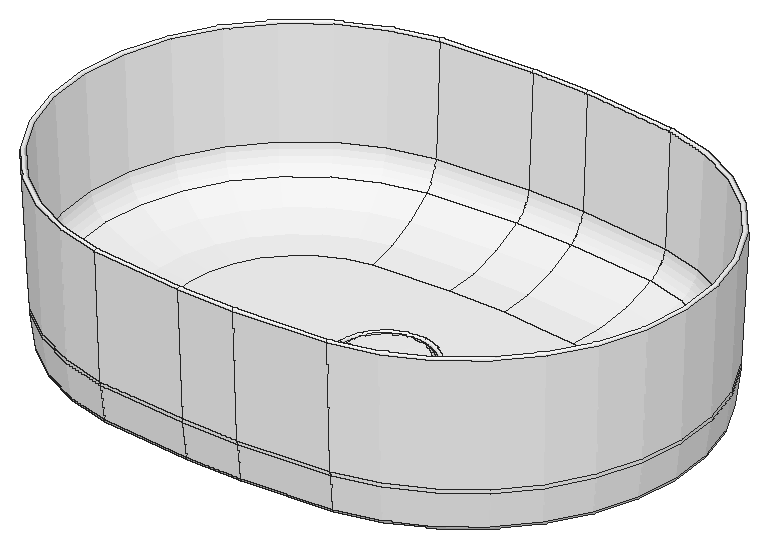
Revit family "Reece_Basin_Roca_Inspira_Above Counter Basin_Round Oval_500 mm", category Plumbing Fixtures, host Face, Revit 2018
Family settings
  Host = Face
  Round Connector Dimension = Use Diameter
  Part Type = Normal
  Cut with Voids When Loaded = No
  Shared = Yes
  Room Calculation Point = Yes
Parameters (values of type "No Taphole_FINECERAMIC_Matte White")
  WFU = 0  # constant formula
  URL = "https://www.reece.com.au/product/-1806218"
  Type Comments = "Basin"
  Reece_Product_Web Page = "https://www.reece.com.au/product/-1806218"
  Reece_Product_Type = "Basin"  # constant formula
  Reece_Product_Sub Brand = "Inspira"  # constant formula
  Reece_Product_Number = "1806218"
  Reece_Product_Mount = "Above Counter"
  Reece_Product_Description = "Roca Inspira Round Oval Above Counter Basin 500mm x 370mm Matte White"
  Reece_Product_Brand = "Roca"  # constant formula
  Reece_Overall_Width = 500 mm  # constant formula
  Reece_Overall_Height = 140 mm  # constant formula
  Reece_Overall_Depth = 370 mm  # constant formula
  Reece_Overall_Capacity = 16.75 L  # constant formula
  Reece_Material-Main = Reece_FINECERAMIC_Matte White
  Reece_Detail_Installation = "Above Counter Basin"  # constant formula
  Reece_Detail_Disclaimer = "THIS FILE IS THE PROPERTY OF THE REECE GROUP. IT MAY NOT BE REPRODUCED, REVERSE-ENGINEERED OR MODIFIED. ANY REPUBLICATION, TRANSMISSION OR DISTRIBUTION FOR THE PURPOSE OF COMMERCIALLY EXPLOITING THE FILES IS PROHIBITED."  # constant formula
  Reece_Detail_Connector = "No Taphole"  # constant formula
  Reece_Detail_Additional = "Round Oval"  # constant formula
  Reece_Basin_Outlet = 46 mm  # constant formula
  Model = "Inspira"
  Manufacturer = "Roca"
  Keynote = "Product #1806218, Reece_Basin_Roca_Inspira_Above Counter Basin_Round Oval_500 mm - No Taphole_FINECERAMIC_Matte White"
  HWFU = 0  # constant formula
  Disclaimer = "THIS FILE IS THE PROPERTY OF THE REECE GROUP. IT MAY NOT BE REPRODUCED, REVERSE-ENGINEERED OR MODIFIED. ANY REPUBLICATION, TRANSMISSION OR DISTRIBUTION FOR THE PURPOSE OF COMMERCIALLY EXPLOITING THE FILES IS PROHIBITED."  # constant formula
  Description = "Roca Inspira Round Oval Above Counter Basin 500mm x 370mm Matte White"
  Default Elevation = 1000 mm
  CWFU = 0  # constant formula
Types (4, lengths in mm): name | URL | Reece_Product_Web Page | Reece_Product_Number | Reece_Product_Description | Reece_Material-Main | Keynote | Description
  (no name) | "https://www.reece.com.au/product/-1808094" | "https://www.reece.com.au/product/-1808094" | "1808094" | "Roca Inspira Round Oval Above Counter Basin 500mm x 370mm Gloss White" | Reece_FINECERAMIC_White | "Product #1808094, Reece_Basin_Roca_Inspira_Above Counter Basin_Round Oval_500 mm -  " | "Roca Inspira Round Oval Above Counter Basin 500mm x 370mm Gloss White"
  No Taphole_FINECERAMIC_Matte Black | "https://www.reece.com.au/product/-1806212" | "https://www.reece.com.au/product/-1806212" | "1806212" | "Roca Inspira Round Oval Above Counter Basin 500mm x 370mm Matte Black" | Reece_FINECERAMIC_Matte Black | "Product #1806212, Reece_Basin_Roca_Inspira_Above Counter Basin_Round Oval_500 mm - No Taphole_FINECERAMIC_Matte Black" | "Roca Inspira Round Oval Above Counter Basin 500mm x 370mm Matte Black"
  No Taphole_FINECERAMIC_ White | "https://www.reece.com.au/product/-1808094" | "https://www.reece.com.au/product/-1808094" | "1808094" | "Roca Inspira Round Oval Above Counter Basin 500mm x 370mm Gloss White" | Reece_FINECERAMIC_White | "Product #1808094, Reece_Basin_Roca_Inspira_Above Counter Basin_Round Oval_500 mm - No Taphole_FINECERAMIC_ White" | "Roca Inspira Round Oval Above Counter Basin 500mm x 370mm Gloss White"
  No Taphole_FINECERAMIC_Matte White | "https://www.reece.com.au/product/-1806218" | "https://www.reece.com.au/product/-1806218" | "1806218" | "Roca Inspira Round Oval Above Counter Basin 500mm x 370mm Matte White" | Reece_FINECERAMIC_Matte White | "Product #1806218, Reece_Basin_Roca_Inspira_Above Counter Basin_Round Oval_500 mm - No Taphole_FINECERAMIC_Matte White" | "Roca Inspira Round Oval Above Counter Basin 500mm x 370mm Matte White"
Reference planes
  plane 1 "Center (Front/Back)": y = -79.125
  plane 2 "Bottom": z = 0
  plane 3 "Center (Left/Right)": x = 0
  plane 4: y = 105.875
  plane 5: x = 250
  plane 6: x = -250
  plane 7: y = -264.125
  plane 8: z = 140
  plane 9: z = -29
  plane 10: x = 185
  plane 11: x = -185
  plane 12: x = 219.009
  plane 13: x = 219.009
Forms (mm)
  Sweep 1, solid, material "Reece_FINECERAMIC_Matte White" <- "Reece_Material-Main"
    path origin (0, 0, 0) x (1, 0, 0) y (0, 1, 0)
      loop
        line (22.5, 74.324) -> (-22.5, 74.324)
        arc (-22.5, 74.324) -> (-56.922, 73.051) -> (-91.157, 69.238) r 465.907
        arc (-91.157, 69.238) -> (-219.052, -79.125) -> (-91.157, -227.487) r 150
        arc (-91.157, -227.487) -> (-56.922, -231.3) -> (-22.5, -232.573) r 465.907
        line (-22.5, -232.573) -> (22.5, -232.573)
        arc (22.5, -232.573) -> (56.922, -231.3) -> (91.157, -227.487) r 465.907
        arc (91.157, -227.487) -> (219.052, -79.125) -> (91.157, 69.238) r 150
        arc (91.157, 69.238) -> (56.922, 73.051) -> (22.5, 74.324) r 465.907
    profile origin (0, 74.324, 0) x (0, -1, 0) y (0, 0, 1)
      loop
        arc (-26.612, 37.557) -> (-25.169, 23.997) -> (-22.897, 10.552) r 222.161
        arc (-22.897, 10.552) -> (-21.825, 8.696) -> (-19.847, 7.87) r 3.349
        line (-19.847, 7.87) -> (-6.169, 6.913)
        arc (-6.169, 6.913) -> (-3.314, 5.961) -> (-1.275, 3.749) r 6.032
        arc (-1.275, 3.749) -> (-0.409, 2.141) -> (0.461, 0.535) r 660.451
        arc (0.461, 0.535) -> (1.243, -0.009) -> (2.146, 0.291) r 1.063
        line (2.146, 0.291) -> (4.772, 2.917)
        arc (4.772, 2.917) -> (9.508, 3.921) -> (12.347, 0) r 4.441
        line (12.347, 0) -> (60.091, 0) -> (60.091, 14.238) -> (57.167, 14.238)
        arc (57.167, 14.238) -> (21.339, 19.341) -> (-11.639, 34.245) r 128.319
        arc (-11.639, 34.245) -> (-19.855, 42.536) -> (-23.667, 53.569) r 26.267
        arc (-23.667, 53.569) -> (-27.101, 95.86) -> (-28.198, 138.276) r 769.264
        arc (-28.198, 138.276) -> (-29.91, 139.986) -> (-31.612, 138.265) r 1.707
        arc (-31.612, 138.265) -> (-30.222, 89.371) -> (-26.86, 40.574) r 1212.391
        arc (-26.86, 40.574) -> (-26.731, 39.066) -> (-26.612, 37.557) r 222
  Extrusion 2, void
    sketch origin (0, 0, 0) x (1, 0, 0) y (0, 1, 0)
      loop
        circle (0, -79.125) r 60
    from -29 to 50.601
  Revolve 3, solid, material "Reece_FINECERAMIC_Matte White" <- "Reece_Material-Main"
    sketch origin (0, -79.125, 0) x (1, 0, 0) y (0, 0, 1)
      loop
        line (-23.001, 3) -> (-44.738, 3)
        arc (-44.738, 3) -> (-41.627, 2.383) -> (-38.988, 0.625) r 8.146
        arc (-38.988, 0.625) -> (-38.097, -0.705) -> (-37.784, -2.275) r 4.093
        line (-37.784, -2.275) -> (-37.784, -18.432)
        arc (-37.784, -18.432) -> (-37.381, -19.848) -> (-36.292, -20.838) r 2.685
        line (-36.292, -20.838) -> (-33.659, -22.143)
        arc (-33.659, -22.143) -> (-31.781, -23.85) -> (-31.086, -26.291) r 4.629
        line (-31.086, -26.291) -> (-31.086, -29) -> (-23.001, -29) -> (-23.001, 3)
      axis (0, 3) -> (0, -29)
    angle from 0 to 360
  Extrusion 4, solid, material "Reece_FINECERAMIC_Matte White" <- "Reece_Material-Main"
    sketch origin (0, 0, 0) x (1, 0, 0) y (0, 1, 0)
      loop
        arc (-82.302, -168.052) -> (-52.483, -171.374) -> (-22.5, -172.483) r 405.816
        line (-22.5, -172.483) -> (22.5, -172.483)
        arc (22.5, -172.483) -> (52.483, -171.374) -> (82.302, -168.052) r 405.816
        arc (82.302, -168.052) -> (158.962, -79.125) -> (82.302, 9.803) r 89.909
        arc (82.302, 9.803) -> (52.483, 13.124) -> (22.5, 14.233) r 405.816
        line (22.5, 14.233) -> (-22.5, 14.233)
        arc (-22.5, 14.233) -> (-52.483, 13.124) -> (-82.302, 9.803) r 405.816
        arc (-82.302, 9.803) -> (-158.962, -79.125) -> (-82.302, -168.052) r 89.909
    from 0 to 14.238
  Revolve 5, solid, material "Reece_FINECERAMIC_Matte White" <- "Reece_Material-Main"
    sketch origin (0, -79.125, 11.762) x (1, 0, 0) y (0, 0, 1)
      loop
        line (0, -3.19) -> (0, 4.096)
        arc (0, 4.096) -> (-15.59, 3.998) -> (-31.174, 3.545) r 685.858
        arc (-31.174, 3.545) -> (-32.586, 2.909) -> (-33.164, 1.472) r 2.074
        line (-33.164, 1.472) -> (-33.164, -3.19) -> (-29.746, -3.19) -> (-28.177, -7.5) -> (-23.036, -7.5) -> (-23.036, -3.19) -> (0, -3.19)
      axis (0, 4.096) -> (0, -7.5)
    angle from 0 to 360
  Revolve 6, void
    sketch origin (0, -79.125, 0) x (1, 0, 0) y (0, 0, 1)
      loop
        line (-35.703, 12.238) -> (-35.703, 3.663) -> (-24.869, -7.17) -> (-24.869, -29) -> (0, -29) -> (0, 34.138) -> (-42.539, 34.138) -> (-42.539, 14.238) -> (-37.703, 14.238)
        arc (-37.703, 14.238) -> (-36.289, 13.652) -> (-35.703, 12.238) r 2
      axis (0, -29) -> (0, 34.138)
    angle from 0 to 360
Cuts and joins
  Revolve 6 cuts Sweep 1
  Revolve 6 cuts Revolve 3
  Revolve 6 cuts Extrusion 4
  joined: Sweep 1, Revolve 3, Extrusion 4
Text (mm)
  text "Reece Copyright © 2018, Reece Ltd." at (-902.343, -740.328, 0), in view "Ref. Level"
  text "Reece ©" at (44.384, 258.95, 192.345), in view "Reece Preview"
Dimensions and locks
  equal spacing: plane 6, plane 3 "Center (Left/Right)", plane 5
  "Reece_Overall_Width": plane 6 to plane 5
  "Reece_Overall_Depth": plane 4 to plane 7
  equal spacing: plane 4, plane 1 "Center (Front/Back)", plane 7
  "Reece_Overall_Height": plane 8 to host face
  plane 8 to plane 9 = 169 mm
  "Reece_Overall_Width": plane 6 to plane 8
  "Reece_Overall_Depth": plane 4 to plane 8
  "Reece_Overall_Height": plane 8 to plane 2 "Bottom"
  aligned and locked: host face to plane 2 "Bottom"
  aligned and locked: level to host face
Automatic sketch dimensions
  host sketch curve to host sketch curve = 801.051 mm
  host sketch curve to host sketch curve = 660.299 mm
  plane 1 "Center (Front/Back)" to Sweep 1 sketch curve = 0 mm  (x2)
  Sweep 1 sketch curve to plane 3 "Center (Left/Right)" = 69.052 mm
  Sweep 1 sketch curve to plane 3 "Center (Left/Right)" = 22.5 mm  (x2)
  plane 3 "Center (Left/Right)" to Sweep 1 sketch curve = 22.5 mm  (x2)
  plane 3 "Center (Left/Right)" to Sweep 1 sketch curve = 69.052 mm
  Sweep 1 sketch curve to plane 7 = 31.551 mm
  plane 7 to Sweep 1 sketch curve = 127.458 mm
  Sweep 1 sketch curve to Sweep 1 sketch curve = 0 mm  (x10)
  Sweep 1 sketch curve to plane 4 = 31.551 mm
  plane 4 to Sweep 1 sketch curve = 127.458 mm
  plane 1 "Center (Front/Back)" to Extrusion 2 sketch curve = 0 mm
  Extrusion 2 sketch curve to plane 3 "Center (Left/Right)" = 0 mm
  plane 1 "Center (Front/Back)" to Extrusion 4 sketch curve = 0 mm  (x2)
  Extrusion 4 sketch curve to plane 3 "Center (Left/Right)" = 69.052 mm
  Extrusion 4 sketch curve to plane 3 "Center (Left/Right)" = 22.5 mm  (x2)
  plane 3 "Center (Left/Right)" to Extrusion 4 sketch curve = 22.5 mm  (x2)
  plane 3 "Center (Left/Right)" to Extrusion 4 sketch curve = 69.052 mm
  Extrusion 4 sketch curve to plane 7 = 91.642 mm
  plane 7 to Extrusion 4 sketch curve = 127.458 mm
  Extrusion 4 sketch curve to Extrusion 4 sketch curve = 0 mm  (x4)
  Extrusion 4 sketch curve to plane 4 = 91.642 mm
  plane 4 to Extrusion 4 sketch curve = 127.458 mm
  Sweep 1 sketch curve to level = 0 mm
  level to Sweep 1 sketch curve = 20.853 mm
  profile plane to Sweep 1 sketch curve = 247.983 mm
  profile plane to Sweep 1 sketch curve = 29.905 mm
  level to Sweep 1 sketch curve = 7.87 mm
  profile plane to Sweep 1 sketch curve = 19.847 mm
  Sweep 1 sketch curve to Sweep 1 sketch curve = 0.234 mm
  level to Sweep 1 sketch curve = 0.896 mm
  profile plane to Sweep 1 sketch curve = 6.59 mm
  Sweep 1 sketch curve to Sweep 1 sketch curve = 0.421 mm
  Sweep 1 sketch curve to profile plane = 1.395 mm
  level to Sweep 1 sketch curve = 0.291 mm
  Sweep 1 sketch curve to Sweep 1 sketch curve = 0.752 mm
  Sweep 1 sketch curve to profile plane = 2.445 mm
  Sweep 1 sketch curve to Sweep 1 sketch curve = 2.626 mm
  Sweep 1 sketch curve to level = 0.223 mm
  Sweep 1 sketch curve to Sweep 1 sketch curve = 3.14 mm
  Sweep 1 sketch curve to Sweep 1 sketch curve = 4.435 mm
  level to Sweep 1 sketch curve = 14.238 mm
  Sweep 1 sketch curve to Sweep 1 sketch curve = 44.82 mm
  Sweep 1 sketch curve to Sweep 1 sketch curve = 2.924 mm
  level to Sweep 1 sketch curve = 54.273 mm
  Sweep 1 sketch curve to Sweep 1 sketch curve = 134.828 mm
  Sweep 1 sketch curve to Sweep 1 sketch curve = 385.757 mm
  level to Sweep 1 sketch curve = 136.951 mm
  Sweep 1 sketch curve to Sweep 1 sketch curve = 160.39 mm
  level to Sweep 1 sketch curve = 148.271 mm
  Sweep 1 sketch curve to Sweep 1 sketch curve = 439.672 mm
  level to Sweep 1 sketch curve = 1.043 mm
  Sweep 1 sketch curve to Sweep 1 sketch curve = 6.017 mm
  Sweep 1 sketch curve to Sweep 1 sketch curve = 3.341 mm
  Sweep 1 sketch curve to Sweep 1 sketch curve = 49.502 mm
  Sweep 1 sketch curve to Sweep 1 sketch curve = 81.863 mm
  Sweep 1 sketch curve to Sweep 1 sketch curve = 4.278 mm
  Sweep 1 sketch curve to Sweep 1 sketch curve = 179.095 mm
  Sweep 1 sketch curve to Sweep 1 sketch curve = 1.707 mm
  Revolve 5 sketch curve to plane 3 "Center (Left/Right)" = 0 mm  (x2)
  Revolve 5 sketch curve to plane 3 "Center (Left/Right)" = 3.459 mm
  level to Revolve 5 sketch curve = 8.572 mm
  Revolve 5 sketch curve to Revolve 5 sketch curve = 23.036 mm
  level to Revolve 5 sketch curve = 4.262 mm
  Revolve 5 sketch curve to Revolve 5 sketch curve = 5.141 mm
  Revolve 5 sketch curve to Revolve 5 sketch curve = 1.569 mm
  Revolve 5 sketch curve to Revolve 5 sketch curve = 1.344 mm
  Revolve 5 sketch curve to Revolve 5 sketch curve = 3.418 mm
  Revolve 5 sketch curve to plane 9 = 640.991 mm
  Revolve 5 sketch curve to Revolve 5 sketch curve = 4.31 mm
  Revolve 5 sketch curve to Revolve 5 sketch curve = 4.662 mm
  Revolve 5 sketch curve to Revolve 5 sketch curve = 7.286 mm
  Revolve 5 sketch curve to Revolve 5 sketch curve = 0 mm  (x2)
  Revolve 3 sketch curve to plane 9 = 0 mm
  Revolve 3 sketch curve to plane 3 "Center (Left/Right)" = 0 mm
  level to Revolve 3 sketch curve = 3 mm  (x2)
  Revolve 3 sketch curve to Revolve 3 sketch curve = 23.001 mm
  Revolve 3 sketch curve to Revolve 3 sketch curve = 8.084 mm
  plane 9 to Revolve 3 sketch curve = 6.857 mm
  Revolve 3 sketch curve to Revolve 3 sketch curve = 2.573 mm
  Revolve 3 sketch curve to Revolve 3 sketch curve = 1.44 mm
  plane 9 to Revolve 3 sketch curve = 2.709 mm
  plane 9 to Revolve 3 sketch curve = 8.162 mm
  Revolve 3 sketch curve to Revolve 3 sketch curve = 1.193 mm
  Revolve 3 sketch curve to Revolve 3 sketch curve = 2.685 mm
  Revolve 3 sketch curve to Revolve 3 sketch curve = 4.093 mm
  Revolve 3 sketch curve to Revolve 3 sketch curve = 2.86 mm
  Revolve 3 sketch curve to level = 5.146 mm
  Revolve 3 sketch curve to level = 2.275 mm
  Revolve 3 sketch curve to level = 14.488 mm
  Revolve 6 sketch curve to plane 9 = 0 mm
  Revolve 6 sketch curve to plane 3 "Center (Left/Right)" = 0 mm  (x2)
  Revolve 6 sketch curve to level = 7.17 mm
  Revolve 6 sketch curve to plane 3 "Center (Left/Right)" = 24.869 mm
  Revolve 6 sketch curve to Revolve 6 sketch curve = 10.834 mm
  Revolve 6 sketch curve to Revolve 6 sketch curve = 2 mm
  level to Revolve 6 sketch curve = 3.663 mm
  Revolve 6 sketch curve to Revolve 6 sketch curve = 8.574 mm
  Revolve 6 sketch curve to Revolve 6 sketch curve = 4.836 mm
  Revolve 6 sketch curve to plane 9 = 20 mm
  Revolve 6 sketch curve to Revolve 6 sketch curve = 19.9 mm
  Revolve 6 sketch curve to Revolve 6 sketch curve = 11.862 mm
  radius of Extrusion 2 sketch curve = 60 mm
Connectors
  piping at (0, -79.125, -29), diameter 46, driven by "Reece_Basin_Outlet"
    settings: on Revolve 3, index 1, connector inside diameter 609.6 mm, connector length 0 mm, flow factor 0, pipe flow 0.0 L/s, pressure drop 0.0 Pa, fitting loss kfactor 0, connector angle 0.00°, fixture units 0, engagement length 0 mm, angle of deflection 0.00°, flow configuration 0, flow direction 2, fitting loss method 0, system type 16, joint type 0, gender type 0, connector reference index -1, connector utility 0, adjustable connector no, is connector primary yes, connector description ""
